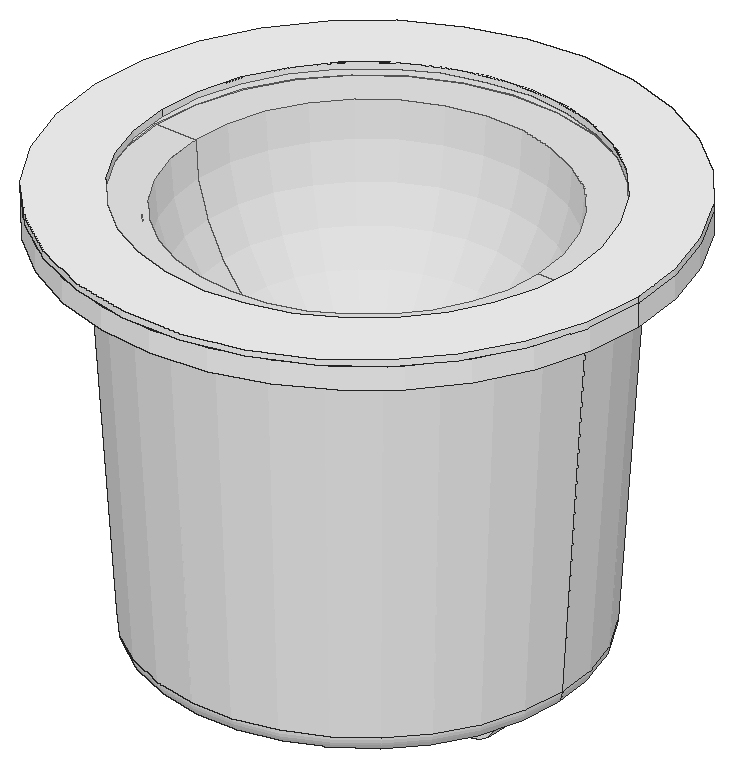
Revit family "2058954", category Lighting Fixtures, host Face, Revit 2018
Family settings
  Host = Face
  Round Connector Dimension = Use Diameter
  Part Type = Normal
  OmniClass Number = 23.80.70.11.17
  OmniClass Title = Specialized Lighting by Location or Use
  Cut with Voids When Loaded = No
  Light Source = Yes
  Shared = No
  Room Calculation Point = No
Parameters (values of type "2058954 MYRIAD DECO IP65 SP 2.7K PHD EM BK CBEZ")
  Weight = "n/a"
  Wattage = 15 W
  WarrantyStartDate [instance] = "n/a"
  WarrantyGuarantorParts = "n/a"
  WarrantyDurationUnit = "n/a"
  WarrantyDurationParts = ""
  WarrantyDescription = "http://www.sylvania-lighting.com"
  built-in parameter 1150110 = 1 (stored number, unit not read)
  Voltage = 230 V
  URL = "0"
  TypeName = "MYRIAD DECO IP65 SPOT 2700K PHDM EM BLACK CBEZ"
  Type Image = 0
  Type Comments = ""
  built-in parameter 1114217 = 1 (stored number, unit not read)
  Tilt Angle = -90°
  built-in parameter 1150109 = 1 (stored number, unit not read)
  built-in parameter 1150134 = (empty or 0)
  built-in parameter 1150113 = 1 (stored number, unit not read)
  SerialNumber [instance] = "n/a"
  Reflector Radius = Cutout Diameter / 2 - 2.5 mm  # 35.0 mm
  Reflector Material = Aluminum_Sylvania_Myriad_Bright
  Recessed Depth = Height  # 72.0 mm
  PowerFactor = 0
  PowerConsumption = "Lighting"
  Photometric Web File = "2058954.ies"
  NominalWidth = 0.0 mm
  NominalLength = 76.0 mm
  NominalHeight = 72.0 mm
  Name = "MYRIAD DECO IP65 SPOT 2700K PHDM EM BLACK CBEZ"
  ModelReference = "MYRIAD DECO IP65 SPOT 2700K PHDM EM BLACK CBEZ"
  ModelNumber = "2058954"
  Material = "Feilo Sylvania"
  ManufacturerName = "103 lm/W"
  LuminousEfficacy = ""
  LuminaireType = "0"
  LightOutputRatio = "LED"
  LampsType = Lamp  # "n/a"
  LampNominalLuminous = "2700 K"
  LampMacAdamStep = "90"
  LampColourTemperature = "LED"
  LampColourRenderingIndex = "16500"
  Keynote = "n/a"
  Keynote_2 = "16500"
  InstallationDate [instance] = "n/a"
  InputVoltage = "0"
  InputNominalFrequency = "2700"
  IngressProtection = "IfcLightFixtureType"
  ImpactProtectionIndex = "IfcLightFixtureType"
  IfcExportType = "IfcLightFixtureType"
  IfcExportAs = "Class II"
  Height = 72.0 mm  # constant formula
  ExpectedLife = 50000
  Emit from Circle Diameter = Accessory Inner Diameter 2  # 68.0 mm
  Emit Shape Visible in Rendering = no
  ElectricShockClassification = "103"
  DurationUnit = "hours"
  DocumentationLiterature = "http://www.sylvania-lighting.com/product/en-int/products/2058954"
  DimmingControlOptions = "n/a"
  Diffuser Material = Glass_Sylvania_Myriad_Clear_4000K
  Diffuser Diameter = Cutout Diameter  # 75.0 mm
  Cutout Diameter = 75.0 mm  # constant formula
  CreatedOn = "03/02/2022"
  CreatedBy = "@sylvania-lighting.com"
  Cost = 0
  built-in parameter 1114216 [instance] = 1 (stored number, unit not read)
  Model = "MYRIAD DECO IP65 SPOT 2700K PHDM EM BLACK CBEZ"
  Manufacturer = "Feilo Sylvania"  # constant formula
  built-in parameter 1150105 = 83.556 (stored number, unit not read)
  Lumens = 1050 lm
  built-in parameter 1150115 = 1 (stored number, unit not read)
  built-in parameter 1150137 = (empty or 0)
  built-in parameter 1150139 = (empty or 0)
  built-in parameter 1150112 = 1 (stored number, unit not read)
  built-in parameter 1150114 = 1 (stored number, unit not read)
  Lamp = "n/a"
  built-in parameter 1150132 = (empty or 0)
  built-in parameter 1150102 = (empty or 0)
  built-in parameter 1150107 = 2700 (stored number, unit not read)
  built-in parameter 1150138 = (empty or 0)
  built-in parameter 1150106 = 0.83556 (stored number, unit not read)
  built-in parameter 1150104 = 6.5032 (stored number, unit not read)
  Dimming Lamp Color Temperature Shift = <None>
  Description = "Supplied complete with electronic control gear Compact Fluorescent low energy downlight Emergency version passes through the cut out Ideal for low level orientation lighting New range of Architectural accessories each providing a different lit dimension New completely flush plaster up accessory ring for clean ceiling lines and smooth finish Order lamp separately"  # constant formula
  Default Elevation = 0.0 mm
  Color Filter = 16777215
  built-in parameter 1140040 [instance] = 1
  Body Radius = Reflector Radius + 1.5 mm  # 36.5 mm
  Body Material = Aluminum_Sylvania_Myriad_Gray
  BarCode [instance] = "n/a"
  built-in parameter 1114218 = 1 (stored number, unit not read)
  built-in parameter 1150133 = 10 (stored number, unit not read)
  AssetType = "Fixed"
  AssetIdentifier [instance] = "n/a"
  Assembly Code = "D5020200"
  Apparent Load = 12 VA
  Accessory Material = Aluminum_Sylvania_Myriad_White
  Accessory Inner Diameter 2 = Accessory Diameter - 22.0 mm  # 68.0 mm
  Accessory Inner Diameter 1 = Accessory Diameter - 2.0 mm  # 88.0 mm
  Accessory Diameter = Cutout Diameter + 15.0 mm  # 90.0 mm
Reference planes
  plane 1 "Center (Front/Back)": y = 0
  plane 2: z = 0
  plane 3 "Center (Left/Right)": x = 0
  plane 4: z = 2
  plane 5 "Fixture Bottom": z = 4.5
  plane 6: z = -28.5
  plane 7: z = -61.5
  plane 8 "Fixture Top": z = -67.5
  plane 9: z = 3.5
Forms (mm)
  Revolve 1, solid, material "Aluminum_Sylvania_Myriad_Bright" <- "Reflector Material", detail levels fine
    sketch origin (0, 0, 0) x (1, 0, 0) y (0, 0, 1)
      loop
        line (0, -27.515) -> (-6, -27.515)
        arc (-6, -27.515) -> (-22.333, -16.632) -> (-28.5, 2) r 30.135
        line (-28.5, 2) -> (-35, 2) -> (-35, 0) -> (-29.184, 0)
        arc (-29.184, 0) -> (-22.423, -18.18) -> (-6, -28.5) r 30.204
        line (-6, -28.5) -> (0, -28.5) -> (0, -27.515)
      axis (0, -28.5) -> (0, 2)
    angle from 0 to 360
  Revolve 2, solid, material "Aluminum_Sylvania_Myriad_Gray" <- "Body Material", detail levels fine
    sketch origin (0, 0, 0) x (1, 0, 0) y (0, 0, 1)
      loop
        line (-44, 2) -> (-44, 0) -> (-36.5, 0) -> (-32.42, -58.708)
        arc (-32.42, -58.708) -> (-31.474, -60.694) -> (-29.428, -61.5) r 3
        line (-29.428, -61.5) -> (0, -61.5) -> (0, -28.5) -> (-6, -28.5)
        arc (-6, -28.5) -> (-22.423, -18.18) -> (-29.184, 0) r 30.204
        line (-29.184, 0) -> (-35, 0) -> (-35, 2) -> (-44, 2)
      axis (0, 2) -> (0, -61.5)
    angle from 0 to 360
  Extrusion 3, solid, material "Aluminum_Sylvania_Myriad_Gray" <- "Body Material", detail levels fine
    sketch origin (0, 0, 0) x (1, 0, 0) y (0, 0, 1)
      loop
        line (-13.5, -67.5) -> (21, -67.5)
        arc (21, -67.5) -> (23.828, -66.328) -> (25, -63.5) r 4
        line (25, -63.5) -> (25, -61.5) -> (-17.5, -61.5) -> (-17.5, -63.5)
        arc (-17.5, -63.5) -> (-16.328, -66.328) -> (-13.5, -67.5) r 4
    from -4.5 to 4.5
  Extrusion 4, solid, material "Aluminum_Sylvania_Myriad_White" <- "Accessory Material", detail levels fine
    sketch origin (0, 0, 0) x (1, 0, 0) y (0, 1, 0)
      loop
        circle (0, 0) r 45
      loop
        circle (0, 0) r 44
    from 0 to 3.5
  Extrusion 5, solid, material "Aluminum_Sylvania_Myriad_White" <- "Accessory Material", detail levels fine
    sketch origin (0, 0, 0) x (1, 0, 0) y (0, 1, 0)
      loop
        circle (0, 0) r 45
      loop
        circle (0, 0) r 34
    from 3.5 to 4.5
  Extrusion 6, solid, material "Aluminum_Sylvania_Myriad_White" <- "Accessory Material", detail levels coarse+medium
    sketch origin (0, 0, 0) x (1, 0, 0) y (0, 1, 0)
      loop
        circle (0, 0) r 45
    from 0 to 4.5
  Revolve 7, solid, detail levels coarse+medium
    sketch origin (0, 0, 0) x (1, 0, 0) y (0, 0, 1)
      loop
        line (36.5, 0) -> (0, 0) -> (0, -61.5) -> (32.226, -61.5) -> (36.5, 0)
      axis (0, 0) -> (0, -61.5)
    angle from 0 to 360
  Extrusion 8, void
    sketch origin (0, 0, 0) x (1, 0, 0) y (0, 1, 0)
      loop
        circle (0, 0) r 37.5
    from -67.5 to 0
  Extrusion 9, solid, material "Glass_Sylvania_Myriad_Clear_4000K" <- "Diffuser Material", detail levels fine
    sketch origin (0, 0, 0) x (1, 0, 0) y (0, 1, 0)
      loop
        circle (0, 0) r 37.5
    from 2 to 3.5
Cuts and joins
  joined: Extrusion 4, Extrusion 5
Lines and regions (mm)
  Masking region 1
    outline origin (0, 0, 0) x (1, 0, 0) y (0, 1, 0)
      loop
        circle (0, 0) r 45
  symbolic lines
    curve 1: arc (-34, 0, 0) -> (0, 34, 0) -> (34, 0, 0) r 34
    curve 2: arc (34, 0, 0) -> (0, -34, 0) -> (-34, 0, 0) r 34
Dimensions and locks
  locked: plane 7 to plane 8 "Fixture Top" at 6
  "Body Radius": Revolve 7 sketch curve to plane 3 "Center (Left/Right)"
  locked: Revolve 7 sketch curve to Revolve 7 sketch curve at 4.274
  plane 5 "Fixture Bottom" to plane 9 to plane 4 to plane 2 to plane 6 = 1.0 mm locked, 1.5 mm locked, 2.0 mm locked, 28.5 mm locked
  "Reflector Radius": Revolve 1 sketch curve to plane 3 "Center (Left/Right)"
  Revolve 1 sketch curve to Revolve 1 sketch curve to Revolve 1 sketch curve to Revolve 1 sketch curve = 6.5 mm locked, 22.5 mm locked, 0.0 mm locked
  "Reflector Radius": plane 3 "Center (Left/Right)" to Revolve 2 sketch curve
  Revolve 2 sketch curve to Revolve 2 sketch curve to Revolve 2 sketch curve = 7.5 mm locked, 1.5 mm locked
  Revolve 2 sketch curve to Revolve 2 sketch curve to Revolve 2 sketch curve = 5.816 mm locked, 23.184 mm locked
  Revolve 2 sketch curve to Revolve 2 sketch curve to Revolve 2 sketch curve = 2.58 mm locked, 2.993 mm locked
  "Accessory Diameter": diameter of Extrusion 4 sketch curve
  "Accessory Inner Diameter 1": diameter of Extrusion 4 sketch curve
  "Accessory Diameter": diameter of Extrusion 5 sketch curve
  "Accessory Diameter": diameter of Extrusion 6 sketch curve
  "Cutout Diameter": diameter of Extrusion 8 sketch curve
  "Accessory Inner Diameter 2": diameter of Extrusion 5 sketch curve
  "Diffuser Diameter": diameter of Extrusion 9 sketch curve
  aligned and locked: plane 2 to host face
  aligned and locked: level to host face
  aligned and locked: plane 1 "Center (Front/Back)" to imposter light
  aligned and locked: plane 3 "Center (Left/Right)" to imposter light
  aligned and locked: Revolve 1 sketch curve to imposter light
  aligned and locked: Extrusion 3 sketch curve to plane 8 "Fixture Top"
  aligned and locked: plane 7 to Extrusion 3 sketch curve
  aligned and locked: Extrusion 4 to plane 2
  aligned and locked: plane 9 to Extrusion 4
  aligned and locked: Extrusion 5 to plane 9
  aligned and locked: plane 5 "Fixture Bottom" to Extrusion 5
  aligned and locked: Extrusion 6 to plane 2
  aligned and locked: plane 5 "Fixture Bottom" to Extrusion 6
  aligned and locked: Extrusion 8 to plane 8 "Fixture Top"
  aligned and locked: plane 2 to Extrusion 8
  aligned and locked: Masking region 1 sketch curve to Extrusion 6  (x2)
  aligned and locked: Extrusion 9 to plane 4
  aligned and locked: plane 9 to Extrusion 9
  aligned and locked: plane 4 to Revolve 2 sketch curve
  aligned and locked: Revolve 2 sketch curve to plane 2
  aligned and locked: curve 1 to cut or joined group of Extrusion 4, Extrusion 5
  aligned and locked: curve 2 to cut or joined group of Extrusion 4, Extrusion 5
  aligned and locked: imposter light to plane 5 "Fixture Bottom"
Automatic sketch dimensions
  host sketch curve to host sketch curve = 1305.563 mm
  host sketch curve to host sketch curve = 1283.632 mm
  Extrusion 3 sketch curve to plane 7 = 2.0 mm
  Extrusion 3 sketch curve to plane 3 "Center (Left/Right)" = 13.5 mm
  plane 3 "Center (Left/Right)" to Extrusion 3 sketch curve = 21.0 mm
  Extrusion 3 sketch curve to Extrusion 3 sketch curve = 4.0 mm
  Revolve 1 sketch curve to level = 0.0 mm
  Revolve 1 sketch curve to plane 3 "Center (Left/Right)" = 0.0 mm
  Revolve 1 sketch curve to plane 6 = 0.0 mm
  Revolve 1 sketch curve to plane 4 = 0.0 mm
  Revolve 1 sketch curve to Revolve 1 sketch curve = 0.684 mm
  level to Revolve 1 sketch curve = 0.88 mm
  Revolve 1 sketch curve to plane 4 = 0.363 mm
  Revolve 1 sketch curve to Revolve 1 sketch curve = 0.625 mm
  Revolve 1 sketch curve to plane 8 "Fixture Top" = 232.8 mm
  plane 5 "Fixture Bottom" to Revolve 1 sketch curve = 291.243 mm
  Revolve 2 sketch curve to plane 3 "Center (Left/Right)" = 0.0 mm  (x2)
  Revolve 2 sketch curve to plane 7 = 0.0 mm
  Revolve 2 sketch curve to plane 6 = 0.0 mm
  Revolve 2 sketch curve to level = 0.0 mm
  level to Revolve 2 sketch curve = 0.88 mm
  plane 7 to Revolve 2 sketch curve = 2.792 mm
  Revolve 2 sketch curve to plane 8 "Fixture Top" = 304.774 mm
  plane 5 "Fixture Bottom" to Revolve 2 sketch curve = 1137.105 mm
  Extrusion 4 sketch curve to Extrusion 4 sketch curve = 0.0 mm  (x2)
  plane 1 "Center (Front/Back)" to Extrusion 4 sketch curve = 0.0 mm
  Extrusion 4 sketch curve to plane 3 "Center (Left/Right)" = 0.0 mm
  Extrusion 5 sketch curve to Extrusion 5 sketch curve = 0.0 mm  (x2)
  plane 1 "Center (Front/Back)" to Extrusion 5 sketch curve = 0.0 mm
  Extrusion 5 sketch curve to plane 3 "Center (Left/Right)" = 0.0 mm
  plane 1 "Center (Front/Back)" to Extrusion 6 sketch curve = 0.0 mm
  Extrusion 6 sketch curve to plane 3 "Center (Left/Right)" = 0.0 mm
  Revolve 7 sketch curve to level = 0.0 mm
  Revolve 7 sketch curve to plane 3 "Center (Left/Right)" = 0.0 mm  (x2)
  Revolve 7 sketch curve to plane 7 = 0.0 mm
  Revolve 7 sketch curve to plane 8 "Fixture Top" = 304.774 mm
  plane 5 "Fixture Bottom" to Revolve 7 sketch curve = 43.226 mm
  plane 1 "Center (Front/Back)" to Extrusion 8 sketch curve = 0.0 mm
  Extrusion 8 sketch curve to plane 3 "Center (Left/Right)" = 0.0 mm
  plane 1 "Center (Front/Back)" to Extrusion 9 sketch curve = 0.0 mm
  Extrusion 9 sketch curve to plane 3 "Center (Left/Right)" = 0.0 mm
Connectors
  electrical at (-0.006, -0.019, -67.5), driven by "Apparent Load", driven by "Apparent Load"
    settings: on plane 8 "Fixture Top", index 1, voltage 230 V, apparent load 12 VA, apparent load phase1 12 VA, apparent load phase2 0 VA, apparent load phase3 0 VA, power factor 1, load classification "Lighting", number of poles 1, system type 30, power factor state 1, is connector primary yes, connector utility no, sub classification motor no, connector description ""
